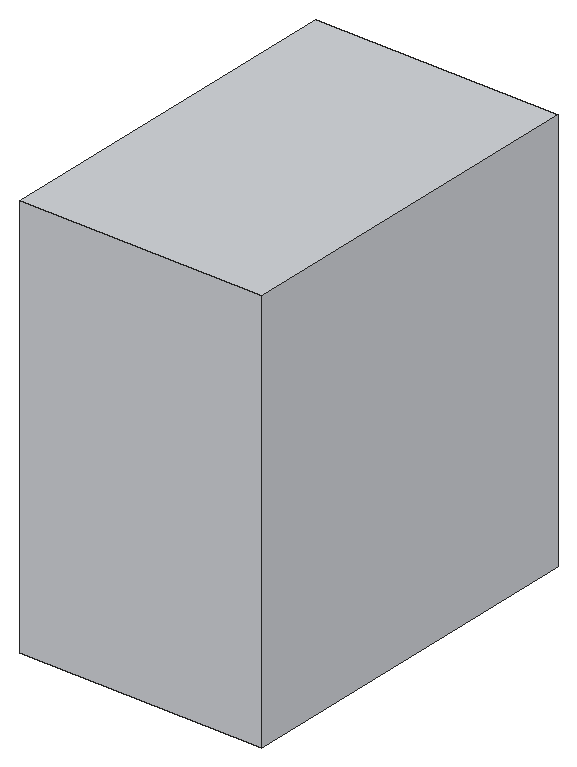
Revit family
Parameters
  Warranty Duration (Years) = 0
  Unit Width [instance] = 1' - 5 1/4"
  Unit Height [instance] = 4' - 8"
  Unit Depth = 0' - 0 1/4"
  URL = "http://www.americanspecialties.com/viewCategories.cfm"
  Trim Material = Metal - Stainless Steel
  Test Data = ""
  Specification = "http://www.arcat.com/sdspecs/htm/10810asi.htm"
  SpecWizard = ""
  Send Message = "http://www.arcat.com/users.pl?action=UserEmail&company=American%20Specialties,%20Inc.&coid=30448&rep=139&fax=914-476-0688&mf="
  Sales Information = "http://www.americanspecialties.com/contact"
  Revision = "R1_10-2010"
  Product Properties = "http://www.americanspecialties.com/datasheets/04692-6.pdf"
  Product Data = "http://www.arcat.com/arcatcos/cos30/arc30448.html"
  Model = "As Specified in 10 28 13"
  Manufacturer Website = "http://www.americanspecialties.com/viewCategories.cfm"
  Manufacturer Phone - Toll Free = ""
  Manufacturer Phone = "914-476-9000 "
  Manufacturer Fax = "914-476-0688"
  Manufacturer Address = "441 Saw Mill River Rd., Yonkers, NY 10701"
  Manufacturer = "American Specialties, Inc."
  Maintenance Schedule (Months) = 0
  Keynote = "10 28 13"
  Installation-Fabrication = "http://www.americanspecialties.com/products.cfm"
  Green Building-LEED = ""
  Expected Lifespan (Years) = 0
  Drawn By = "Robert S. Weygant. CSI, CDT, SCIP"  # constant formula
  Description = "Toilet Accessory as Specified in 10 28 13"
  Default Elevation = 4' - 0"
  Copyright = "©Arcat Inc."
  Construction Details = "http://www.arcat.com/green/clients/leed_data_30448.html"
  Building Codes = "http://www.americanspecialties.com/products.cfm"
  Body Material = Metal - Stainless Steel
  Assembly Code = "C1030210"
Reference planes (in)
  plane 1 "Center (Front/Back)": y = -0.29112
  plane 2 "Floor Line": z = 0
  plane 3 "Center (Left/Right)": x = -0.65843
Forms (in)
  Extrusion 1, solid
    sketch origin (-3, -9, -6) x (0, 0, -1) y (1, 0, 0)
      loop
        line (-82, 26) -> (-82, -19.34712) -> (-6, -19.34712) -> (-6, 26) -> (-82, 26)
    from 28.29112 to -41.06337
  Extrusion 2, solid, material "Metal - Stainless Steel" <- "Body Material"
    sketch origin (0, 0, 6) x (1, 0, 0) y (0, 1, 0)
      loop
        line (-8.28343, 26.70888) -> (-8.28343, -27.29112) -> (6.96657, -27.29112) -> (6.96657, 26.70888) -> (-8.28343, 26.70888)
    from 0 to -10
  Extrusion 3, solid, material "Metal - Stainless Steel" <- "Body Material"
    sketch origin (0, 7, 6) x (1, 0, 0) y (0, 1, 0)
      loop
        line (-5.68968, 6.70888) -> (-5.68968, 4.20888) -> (4.37282, 4.20888) -> (4.37282, 6.70888) -> (4.12282, 6.70888) -> (3.87282, 4.45888) -> (-5.18968, 4.45888) -> (-5.43968, 6.70888) -> (-5.68968, 6.70888)
    from 0 to -10
  Extrusion 4, solid, material "Metal - Stainless Steel" <- "Trim Material"
    sketch origin (0, 6.98719, 5.75134) x (1, 0, 0) y (0, 1, 0)
      loop
        line (2.98508, 14.70888) -> (2.98508, 9.70888) -> (3.98508, 9.70888) -> (3.98508, 14.70888) -> (2.98508, 14.70888)
      loop
        line (3.04758, 9.77138) -> (3.92258, 9.77138) -> (3.92258, 14.64638) -> (3.04758, 14.64638) -> (3.04758, 9.77138)
    from 0.5 to 0.5625
  Extrusion 5, solid, material "Metal - Stainless Steel" <- "Trim Material"
    sketch origin (-0.23664, 6.96892, 5.63158) x (0, 1, 0) y (0, 0, 1)
      loop
        line (14.48996, 0.86976) -> (14.23996, 1.36976) -> (13.98996, 1.36976) -> (13.98996, 0.86976) -> (14.48996, 0.86976)
    from 3.44343 to 4
  Extrusion 6, solid, material "Metal - Stainless Steel" <- "Trim Material"
    sketch origin (-0.65843, 6.88741, 5.63158) x (0, 1, 0) y (0, 0, 1)
      loop
        line (14.49406, 0.86976) -> (14.1489, 0.86976) -> (14.1489, 0.36842) -> (14.49406, 0.36842) -> (14.49406, 0.86976)
    from 3.94825 to 4.33876
  Extrusion 7, solid, material "Metal - Stainless Steel" <- "Trim Material"
    sketch origin (0, 0, 5.3125) x (1, 0, 0) y (0, 1, 0)
      loop
        circle (5.37282, 20.33388) r 0.5
      loop
        line (5.316, 19.91524) -> (5.42963, 19.91524) -> (5.42963, 20.76475) -> (5.316, 20.76475) -> (5.316, 19.91524)
    from 0.9375 to 1
  Extrusion 8, solid, material "Metal - Stainless Steel" <- "Body Material"
    sketch origin (0, 0, 6) x (1, 0, 0) y (0, 1, 0)
      loop
        line (-9.28343, 27.70888) -> (-9.28343, -28.29112) -> (7.96657, -28.29112) -> (7.96657, 27.70888) -> (-9.28343, 27.70888)
      loop
        line (-8.28343, 26.70888) -> (-8.28343, -27.29112) -> (6.96657, -27.29112) -> (6.96657, 26.70888) -> (-8.28343, 26.70888)
    from 0 to 0.25
  Extrusion 9, solid, material "Metal - Stainless Steel" <- "Body Material"
    sketch origin (0, 0, 6) x (1, 0, 0) y (0, 1, 0)
      loop
        line (-8.28343, 26.70888) -> (-8.28343, 13.70888) -> (6.96657, 13.70888) -> (6.96657, 26.70888) -> (-8.28343, 26.70888)
    from 0 to 0.25
  Extrusion 10, void
    sketch origin (-0.65843, 0, 6) x (0, 1, 0) y (0, 0, 1)
      loop
        line (21.38146, 0) -> (21.38146, 0.25) -> (16.91194, 0.25) -> (16.91194, 0) -> (21.38146, 0)
    from 4.33876 to 3.94825
  Extrusion 11, solid, material "Metal - Stainless Steel" <- "Body Material"
    sketch origin (0, 0, 6) x (1, 0, 0) y (0, 1, 0)
      loop
        line (6.96657, -4.29112) -> (-8.28343, -4.29112) -> (-8.28343, -27.29112) -> (6.96657, -27.29112) -> (6.96657, -4.29112)
    from -10 to 1.75
  Extrusion 12, void
    sketch origin (-0.65843, 0, 6) x (0, 1, 0) y (0, 0, 1)
      loop
        line (13.70888, -9.75) -> (13.70888, 1.75) -> (-4.29112, 1.75) -> (-4.29112, -9.75) -> (13.70888, -9.75)
    from -7.61046 to 7.59319
  Extrusion 13, solid, material "Metal - Stainless Steel" <- "Trim Material"
    sketch origin (0, 0.22512, 6) x (1, 0, 0) y (0, 1, 0)
      loop
        circle (-0.65843, -3.79339) r 0.5
      loop
        line (-0.71525, -4.21203) -> (-0.60162, -4.21203) -> (-0.60162, -3.36253) -> (-0.71525, -3.36253) -> (-0.71525, -4.21203)
    from -9.75 to -10
  Extrusion 14, void
    sketch origin (-0.65843, 0, 0) x (0, 1, 0) y (0, 0, 1)
      loop
        line (-4.066, 7.70594) -> (-27.27764, 7.70594) -> (-27.27764, -3.98722) -> (-4.066, -3.98722) -> (-4.066, 7.70594)
    from -7.61046 to 7.57463
  Extrusion 15, solid, material "Metal - Stainless Steel" <- "Body Material"
    sketch origin (0, 0, 0) x (1, 0, 0) y (0, 1, 0)
      loop
        line (7.96657, -28.29112) -> (7.96657, 27.70888) -> (-9.28343, 27.70888) -> (-9.28343, -28.29112) -> (7.96657, -28.29112)
      loop
        line (-8.28343, 26.70888) -> (-8.28343, -27.29112) -> (6.96657, -27.29112) -> (6.96657, 26.70888) -> (-8.28343, 26.70888)
    from 0 to 6
  Extrusion 16, void
    sketch origin (0, 0, 0) x (1, 0, 0) y (0, 1, 0)
      loop
        line (-8.28343, 26.70888) -> (-8.28343, -27.29112) -> (6.96657, -27.29112) -> (6.96657, 26.70888) -> (-8.28343, 26.70888)
    from 0 to -4
Cuts and joins
  Extrusion 10, Extrusion 12, Extrusion 14 cuts Extrusion 2
  Extrusion 10 cuts Extrusion 4
  Extrusion 10 cuts Extrusion 6
  Extrusion 10, Extrusion 14 cuts Extrusion 8
  Extrusion 10 cuts Extrusion 9
  Extrusion 12, Extrusion 14 cuts Extrusion 11
  Extrusion 12 cuts Extrusion 13
Dimensions and locks (in)
  aligned and locked: Extrusion 1 to level
  aligned and locked: Extrusion 8 to Extrusion 9
